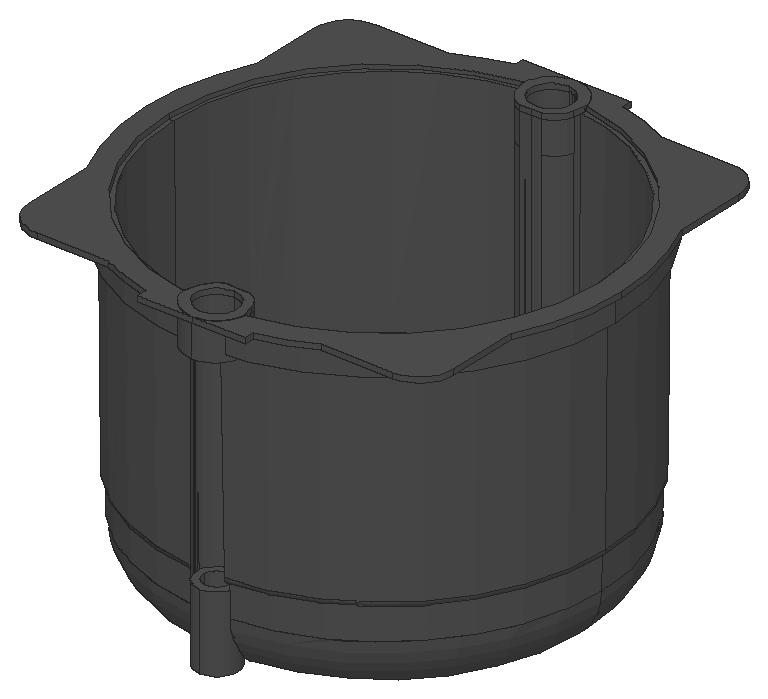
Revit family "70276", category Luminarias, Revit 2018
Family settings
  Cota de conector redondo = Diámetro de uso
  Tipo de pieza = Normal
  Número OmniClass = 23.80.70.00
  Título OmniClass = Lighting
  Se basa en plano de trabajo = Sí
  Siempre vertical = No
  Corte con vacíos al cargar = Sí
  Origen de luz = No
  Compartido = No
  Punto de cálculo de habitación = No
Parameters (values of type "70276 Recessed box DART-1")
  Voltage = ""
  URL = "https://www.faro.es/"
  Model = ""
  Fabricante = "FARO Barcelona"  # constant formula
  Lamp = ""
  FARO_URL Model = "https://faro.es/en/productos/caja-empotrable-dart-1/"
  FARO_Subcategory = ""
  FARO_Ref_Accessory = ""
  FARO_Ref = "70276"
  FARO_Model Line = "DART"  # constant formula
  FARO_Material_01 [instance] = FARO_Black Paint
  FARO_Last Actualization Date = "23/06/2020"  # constant formula
  FARO_EAN = "8421776183391"
  FARO_Description ES = ""
  FARO_Description EN = "Recessed box DART-1"
  FARO_Category = "Accessories"  # constant formula
  Default Elevation = 1219.2 mm
  Assembly Code = ""
Reference planes
  plane 1 "Light Source Axis (F/B)": y = 0
  plane 2: z = 0
  plane 3 "Light Source Axis (L/R)": x = 0
  plane 4 "Light Source Elevation": z = 800
Forms (mm)
  Revolve 1, solid, material "FARO_Black Paint" <- "FARO_Material_01"
    sketch origin (0, 0, 0) x (1, 0, 0) y (0, 0, 1)
      loop
        line (-34.382, -4.5) -> (-33.247, -4.5) -> (-32.958, -35.209)
        arc (-32.958, -35.209) -> (-32.812, -35.683) -> (-32.431, -36) r 0.869
        line (-32.431, -36) -> (-32.369, -40.804)
        arc (-32.369, -40.804) -> (-29.749, -46.96) -> (-23.56, -49.5) r 8.81
        line (-23.56, -49.5) -> (-5.203, -49.5) -> (-5.203, -50.4) -> (0, -50.4) -> (0, -47.5) -> (-23.56, -47.5)
        arc (-23.56, -47.5) -> (-28.127, -45.741) -> (-30.335, -41.373) r 6.81
        line (-30.335, -41.373) -> (-30.958, -35.19) -> (-31.284, -0.6) -> (-34.382, -0.6) -> (-34.382, -4.5)
      axis (0, -0.6) -> (0, -50.4)
    angle from 0 to 360
  Extrusion 2, solid, material "FARO_Black Paint" <- "FARO_Material_01"
    sketch origin (0, 0, 0) x (1, 0, 0) y (0, 1, 0)
      loop
        arc (-31.5, 15.821) -> (-34.3, 8.13) -> (-35.25, 0) r 35.25
        arc (-35.25, 0) -> (-34.3, -8.13) -> (-31.5, -15.821) r 35.25
        line (-31.5, -15.821) -> (-31.5, -26.5)
        arc (-31.5, -26.5) -> (-30.036, -30.036) -> (-26.5, -31.5) r 5
        line (-26.5, -31.5) -> (-15.821, -31.5)
        arc (-15.821, -31.5) -> (-11.994, -33.147) -> (-8, -34.33) r 35.25
        line (-8, -34.33) -> (-8, -35.75) -> (0, -35.75) -> (8, -35.75) -> (8, -34.33)
        arc (8, -34.33) -> (11.994, -33.147) -> (15.821, -31.5) r 35.25
        line (15.821, -31.5) -> (26.5, -31.5)
        arc (26.5, -31.5) -> (30.036, -30.036) -> (31.5, -26.5) r 5
        line (31.5, -26.5) -> (31.5, -15.821)
        arc (31.5, -15.821) -> (34.3, -8.13) -> (35.25, 0) r 35.25
        arc (35.25, 0) -> (34.3, 8.13) -> (31.5, 15.821) r 35.25
        line (31.5, 15.821) -> (31.5, 26.5)
        arc (31.5, 26.5) -> (30.036, 30.036) -> (26.5, 31.5) r 5
        line (26.5, 31.5) -> (15.821, 31.5)
        arc (15.821, 31.5) -> (11.994, 33.147) -> (8, 34.33) r 35.25
        line (8, 34.33) -> (8, 35.75) -> (0, 35.75) -> (-8, 35.75) -> (-8, 34.33)
        arc (-8, 34.33) -> (-11.994, 33.147) -> (-15.821, 31.5) r 35.25
        line (-15.821, 31.5) -> (-26.5, 31.5)
        arc (-26.5, 31.5) -> (-30.036, 30.036) -> (-31.5, 26.5) r 5
        line (-31.5, 26.5) -> (-31.5, 15.821)
      loop
        circle (0, 31.098) r 3.088
      loop
        arc (-4.6, 31.7) -> (-24.222, 20.961) -> (-32.032, 0) r 32.032
        arc (-32.032, 0) -> (-24.222, -20.961) -> (-4.6, -31.7) r 32.032
        line (-4.6, -31.7) -> (-4.154, -29.914)
        arc (-4.154, -29.914) -> (-3.228, -28.22) -> (-1.592, -27.197) r 3.812
        line (-1.592, -27.197) -> (0, -27.197) -> (1.592, -27.197)
        arc (1.592, -27.197) -> (3.228, -28.22) -> (4.154, -29.914) r 3.812
        line (4.154, -29.914) -> (4.6, -31.7)
        arc (4.6, -31.7) -> (24.222, -20.961) -> (32.032, 0) r 32.032
        arc (32.032, 0) -> (24.222, 20.961) -> (4.6, 31.7) r 32.032
        line (4.6, 31.7) -> (4.154, 29.914)
        arc (4.154, 29.914) -> (3.228, 28.22) -> (1.592, 27.197) r 3.812
        line (1.592, 27.197) -> (0, 27.197) -> (-1.592, 27.197)
        arc (-1.592, 27.197) -> (-3.228, 28.22) -> (-4.154, 29.914) r 3.812
        line (-4.154, 29.914) -> (-4.6, 31.7)
      loop
        circle (0, -31.098) r 3.088
    from -0.8 to 0
  Extrusion 3, void
    sketch origin (0, 0, 0) x (1, 0, 0) y (0, 1, 0)
      loop
        circle (0, 31.098) r 3.088
      loop
        circle (0, -31.098) r 3.088
    from -53.292 to 2
  Extrusion 4, solid, material "FARO_Black Paint" <- "FARO_Material_01"
    sketch origin (0, 0, 0) x (1, 0, 0) y (0, 1, 0)
      loop
        circle (0, 31.098) r 3.088
      loop
        line (-4.564, 31.559) -> (-4.154, 29.914)
        arc (-4.154, 29.914) -> (-3.228, 28.22) -> (-1.592, 27.197) r 3.812
        line (-1.592, 27.197) -> (0, 27.197) -> (1.592, 27.197)
        arc (1.592, 27.197) -> (3.228, 28.22) -> (4.154, 29.914) r 3.812
        line (4.154, 29.914) -> (4.564, 31.559)
        arc (4.564, 31.559) -> (3.076, 34.501) -> (0, 35.685) r 4.588
        arc (0, 35.685) -> (-3.076, 34.501) -> (-4.564, 31.559) r 4.588
      loop
        circle (0, -31.098) r 3.088
      loop
        arc (-4.564, -31.559) -> (-3.076, -34.501) -> (0, -35.685) r 4.588
        arc (0, -35.685) -> (3.076, -34.501) -> (4.564, -31.559) r 4.588
        line (4.564, -31.559) -> (4.154, -29.914)
        arc (4.154, -29.914) -> (3.228, -28.22) -> (1.592, -27.197) r 3.812
        line (1.592, -27.197) -> (0, -27.197) -> (-1.592, -27.197)
        arc (-1.592, -27.197) -> (-3.228, -28.22) -> (-4.154, -29.914) r 3.812
        line (-4.154, -29.914) -> (-4.564, -31.559)
    from -5.604 to 0
  Extrusion 5, solid, material "FARO_Black Paint" <- "FARO_Material_01"
    sketch origin (0, 0, 0) x (1, 0, 0) y (0, 1, 0)
      loop
        circle (0, -31.098) r 3.088
      loop
        circle (0, -31.098) r 1.935
      loop
        circle (0, 31.098) r 3.088
      loop
        circle (0, 31.098) r 1.935
    from -48.231 to -37
  Extrusion 6, solid, material "FARO_Black Paint" <- "FARO_Material_01"
    sketch origin (0, 0, 0) x (1, 0, 0) y (0, 1, 0)
      loop
        arc (-2.947, 32.02) -> (-3.776, 31.877) -> (-4.6, 31.7) r 19.897
        line (-4.6, 31.7) -> (-4.154, 29.914)
        arc (-4.154, 29.914) -> (-3.228, 28.22) -> (-1.592, 27.197) r 3.812
        line (-1.592, 27.197) -> (0, 27.197) -> (1.592, 27.197)
        arc (1.592, 27.197) -> (3.228, 28.22) -> (4.154, 29.914) r 3.812
        line (4.154, 29.914) -> (4.6, 31.7)
        arc (4.6, 31.7) -> (3.776, 31.877) -> (2.947, 32.02) r 19.897
        arc (2.947, 32.02) -> (2.488, 29.269) -> (0, 28.01) r 3.088
        arc (0, 28.01) -> (-2.488, 29.269) -> (-2.947, 32.02) r 3.088
      loop
        arc (-2.947, -32.02) -> (-2.488, -29.269) -> (0, -28.01) r 3.088
        arc (0, -28.01) -> (2.488, -29.269) -> (2.947, -32.02) r 3.088
        arc (2.947, -32.02) -> (3.776, -31.877) -> (4.6, -31.7) r 19.897
        line (4.6, -31.7) -> (4.154, -29.914)
        arc (4.154, -29.914) -> (3.228, -28.22) -> (1.592, -27.197) r 3.812
        line (1.592, -27.197) -> (0, -27.197) -> (-1.592, -27.197)
        arc (-1.592, -27.197) -> (-3.228, -28.22) -> (-4.154, -29.914) r 3.812
        line (-4.154, -29.914) -> (-4.6, -31.7)
        arc (-4.6, -31.7) -> (-3.776, -31.877) -> (-2.947, -32.02) r 19.897
    from -37 to -5.604
Cuts and joins
  Extrusion 3 cuts Revolve 1
  joined: Extrusion 4, Extrusion 5, Extrusion 6
Dimensions and locks
  aligned and locked: level to plane 2
